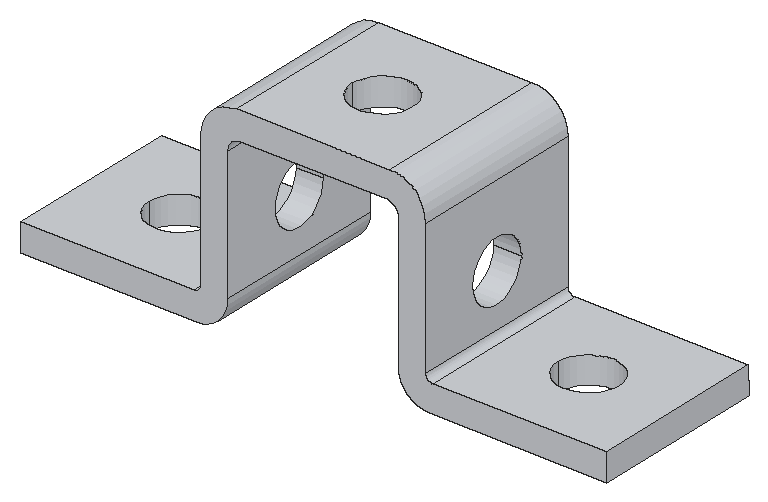
Revit family "Fitting-U_Shape-Unistrut-P1047", category Specialty Equipment, Revit 2012
Parameters (values of type "P1047")
  ecoScorecard_data = "http://products.ecoscorecard.com/atkore/P1047"
  ecoScorecard Product Page = "http://products.ecoscorecard.com/atkore/P1047?action=html"
  Weight Per Piece = 0.88 lbf
  Unit = none
  Unistrut Part Number = "P1047"  # constant formula
  URL = "http://unistrut.us/index.php"
  Thickness = 1/4"
  Subcategory = "U Shape Fittings"
  Product Page URL = "http://unistrut.us/index.php?WP=cat_detail&S=S05&P=P1047"
  Power Strut Part Number = "PS 613"  # constant formula
  Part Type = "Fitting"  # constant formula
  Overall Width = 5 3/8"
  Overall Length = 1 7/8"
  Overall Height = 1 5/8"
  Model = "P1047"
  Material = ""
  Manufacturer Phone - Toll Free = "800-882-5543"  # constant formula
  Manufacturer Phone = "708-339-1610"  # constant formula
  Manufacturer Fax = "708-339-7814"  # constant formula
  Manufacturer Email = "mailto:jshaw@atkore.com"
  Manufacturer Address = "16100 South Lathrop Avenue, Harvey, IL 60426"  # constant formula
  Manufacturer = "Unistrut by Atkore International"  # constant formula
  Load Capacity Note = "Visit the product page for load application and capacity."  # constant formula
  Literature URL = "http://unistrut.us/index.php?WP=LItLibrary"
  Length = 1 7/8"
  Hole Diameter = 9/16"
  Default Elevation = 48"
  Cost Info = "mailto:jshaw@atkore.com"
  Construction Note = ""
  Category = "Specialty Equipment"  # constant formula
  CAD URL = "http://unistrut.us/index.php?WP=CAD3d"
  Assembly Code = "D5020100"
  Angle = 0.00°
  95 CSI = "16070"  # constant formula
  04 CSI = "26 05 48"  # constant formula
Reference planes (in)
  plane 1 "Center (Front/Back)": y = 0
  plane 2: z = 0
  plane 3 "Center (Left/Right)": x = 0
  plane 4: y = 0.8125
  plane 5: y = -0.8125
  plane 6: x = 2.6875
  plane 7: x = -2.6875
  plane 8: z = 1.875
  plane 9: z = 0.25
  plane 10: x = 1.875
  plane 11: x = -1.875
  plane 12: z = 0.80017
Dimensions and locks (in)
  equal spacing: plane 5, plane 1 "Center (Front/Back)", plane 4
  equal spacing: plane 7, plane 3 "Center (Left/Right)", plane 6
  "Overall Width": plane 7 to plane 6
  "Overall Height": plane 5 to plane 4
  "Thickness": plane 9 to level
  "Overall Length": plane 8 to level
  nested 1 to plane 7 = 1 21/32"
  aligned and locked: level to plane 2
  aligned and locked: plane 3 "Center (Left/Right)" to nested 1
  aligned and locked: plane 1 "Center (Front/Back)" to nested 1
Nested families (in)
  nested 1: "1047" at (0, 0, 0), type "1047"
Definition of nested family "1047"
  Parameters (values of type "1047")
    Unit = none
    URL = ""
    Thickness = 1/4"
    Subcategory = ""
    Product Page URL = ""
    Overall Width = 5 3/8"
    Overall Length = 1 7/8"
    Overall Height = 1 5/8"
    Model = "P1377"
    Material = ""
    Manufacturer = ""
    Length = 0"
    Hole Radius = 9/32"
    Hole Diameter = Hole Radius * 2  # 9/16"
    Assembly Code = ""
  Reference planes (in)
    plane 1 "Center (Front/Back)": y = 0
    plane 2: z = 0
    plane 3 "Center (Left/Right)": x = 0
    plane 4: y = 0.8125
    plane 5: y = -0.8125
    plane 6: x = -2.6875
    plane 7: x = 0.78125
    plane 8: x = 2.6875
    plane 9: z = 1.875
    plane 10: x = -0.78125
    plane 11: x = -1.03125
    plane 12: x = 1.03125
    plane 13: z = 0.25
    plane 14: z = 1.625
  Forms (in)
    Extrusion 1, solid, material <- "Unit"
      sketch origin (0, 0, 0) x (1, 0, 0) y (0, 0, 1)
        loop
          line (-2.6875, 0) -> (-1.06847, 0)
          arc (-1.06847, 0) -> (-0.86537, 0.08412) -> (-0.78125, 0.28722) r 0.28722
          line (-0.78125, 0.28722) -> (-0.78125, 1.50761)
          arc (-0.78125, 1.50761) -> (-0.74687, 1.59062) -> (-0.66386, 1.625) r 0.11739
          line (-0.66386, 1.625) -> (0.65625, 1.625)
          arc (0.65625, 1.625) -> (0.74464, 1.58839) -> (0.78125, 1.5) r 0.125
          line (0.78125, 1.5) -> (0.78125, 0.28616)
          arc (0.78125, 0.28616) -> (0.86506, 0.08381) -> (1.06741, 0) r 0.28616
          line (1.06741, 0) -> (2.6875, 0) -> (2.6875, 0.25) -> (1.09705, 0.25)
          arc (1.09705, 0.25) -> (1.05052, 0.26927) -> (1.03125, 0.3158) r 0.0658
          line (1.03125, 0.3158) -> (1.03125, 1.54688)
          arc (1.03125, 1.54688) -> (0.93514, 1.77889) -> (0.70312, 1.875) r 0.32812
          line (0.70312, 1.875) -> (-0.70238, 1.875)
          arc (-0.70238, 1.875) -> (-0.93493, 1.77868) -> (-1.03125, 1.54613) r 0.32887
          line (-1.03125, 1.54613) -> (-1.03125, 0.31641)
          arc (-1.03125, 0.31641) -> (-1.0507, 0.26945) -> (-1.09766, 0.25) r 0.06641
          line (-1.09766, 0.25) -> (-2.6875, 0.25) -> (-2.6875, 0)
      from -0.8125 to 0.8125
    Extrusion 2, void
      sketch origin (0, 0, 0) x (1, 0, 0) y (0, 1, 0)
        loop
          circle (-1.875, 0) r 0.28125
        loop
          circle (1.875, 0) r 0.28125
      from 0 to 0.25
    Extrusion 3, void
      sketch origin (0, 0, 0) x (1, 0, 0) y (0, 1, 0)
        loop
          circle (-0.01562, 0) r 0.28125
      from 1.625 to 1.875
    Extrusion 4, void
      sketch origin (0, -0.00195, 0) x (0, 1, 0) y (0, 0, 1)
        loop
          circle (0.00255, 0.80017) r 0.28125
      from -1.0625 to 1.0625
  Cuts and joins
    Extrusion 2, Extrusion 3, Extrusion 4 cuts Extrusion 1
  Dimensions and locks (in)
    equal spacing: plane 5, plane 1 "Center (Front/Back)", plane 4
    "Overall Height": plane 4 to plane 5
    "Overall Length": plane 9 to plane 2
    "Thickness": plane 9 to plane 14
    equal spacing: plane 6, plane 3 "Center (Left/Right)", plane 8
    "Overall Width": plane 6 to plane 8
    "Thickness": plane 13 to plane 2
    plane 11 to plane 6 = 1 21/32"
    plane 8 to plane 12 = 1 21/32"
    plane 6 to Extrusion 2 sketch curve = 13/16"
    Extrusion 2 sketch curve to plane 8 = 13/16"
    "Hole Radius": radius of Extrusion 4 sketch curve
    aligned and locked: level to plane 2
    aligned and locked: plane 6 to Extrusion 1 sketch curve
    aligned and locked: Extrusion 1 sketch curve to plane 13
    aligned and locked: Extrusion 1 sketch curve to plane 2
    aligned and locked: plane 7 to Extrusion 1 sketch curve
    aligned and locked: plane 12 to Extrusion 1 sketch curve
    aligned and locked: Extrusion 1 sketch curve to plane 9
    aligned and locked: Extrusion 1 sketch curve to plane 10
    aligned and locked: Extrusion 1 sketch curve to plane 11
    aligned and locked: Extrusion 1 sketch curve to plane 8
    aligned and locked: plane 4 to Extrusion 1
    aligned and locked: plane 5 to Extrusion 1
    aligned and locked: Extrusion 1 sketch curve to plane 14
    aligned and locked: plane 9 to Extrusion 3
    aligned and locked: Extrusion 1 to Extrusion 3
    aligned and locked: plane 13 to Extrusion 2
  Automatic sketch dimensions
    Extrusion 1 sketch curve to level = 0"
    Extrusion 1 sketch curve to plane 13 = 0"
    plane 11 to Extrusion 1 sketch curve = 17/256"
    plane 13 to Extrusion 1 sketch curve = 0.03722"
    Extrusion 1 sketch curve to plane 10 = 0.07887"
    Extrusion 1 sketch curve to plane 7 = 5/64"
    Extrusion 1 sketch curve to plane 7 = 1/8"
    plane 13 to Extrusion 1 sketch curve = 0.03616"
    Extrusion 1 sketch curve to Extrusion 1 sketch curve = 0.02964"
    plane 1 "Center (Front/Back)" to Extrusion 2 sketch curve = 0"  (x2)
    plane 1 "Center (Front/Back)" to Extrusion 3 sketch curve = 0"
    Extrusion 3 sketch curve to plane 3 "Center (Left/Right)" = 1/64"
    Extrusion 4 sketch curve to plane 1 "Center (Front/Back)" = 0.0006"
    plane 13 to Extrusion 4 sketch curve = 0.55017"
    Extrusion 1 sketch curve to Extrusion 1 sketch curve = 0.03852"
    radius of Extrusion 2 sketch curve = 9/32"  (x2)
    radius of Extrusion 3 sketch curve = 9/32"
